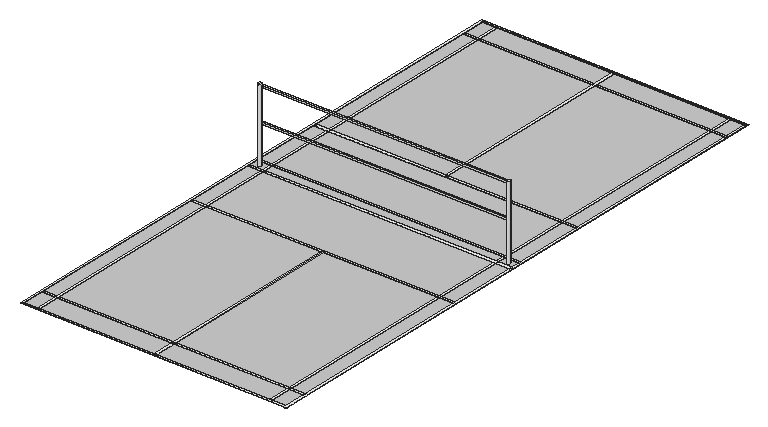
Revit family
Parameters (values of type "6000 x 13000 mm")
  Width = 6000 mm
  Material of Pole = Pole Material
  Markings Finish = Paint
  Length = 13000 mm
  Height = 900 mm
  Ground Finish = Court
Reference planes
  plane 1 "Center (Front/Back)": y = 0
  plane 2: z = 0
  plane 3 "Center (Left/Right)": x = 0
  plane 4: x = -3000
  plane 5: x = 3000
  plane 6: y = 6500
  plane 7: y = -6500
  plane 8: z = 1650
  plane 9: z = 900
Forms (mm)
  Extrusion 1, solid, material "Court" <- "Ground Finish"
    sketch origin (0, 0, 0) x (1, 0, 0) y (0, 1, 0)
      loop
        line (-3000, 6500) -> (-3000, -6500) -> (3000, -6500) -> (3000, 6500) -> (-3000, 6500)
    from 0 to 2
  Extrusion 2, solid, material "Paint" <- "Markings Finish"
    sketch origin (0, 0, 0) x (1, 0, 0) y (0, 1, 0)
      loop
        line (-3000, 6500) -> (-3000, -6500) -> (3000, -6500) -> (3000, 6500) -> (-3000, 6500)
      loop
        line (-2950, 6450) -> (-2950, -6450) -> (2950, -6450) -> (2950, 6450) -> (-2950, 6450)
    from 2 to 4
  Extrusion 3, solid, material "Paint" <- "Markings Finish"
    sketch origin (0, 0, 0) x (1, 0, 0) y (0, 1, 0)
      loop
        line (-2950, 150) -> (-2950, 100) -> (2950, 100) -> (2950, 150) -> (-2950, 150)
      loop
        line (-2950, -150) -> (2950, -150) -> (2950, -100) -> (-2950, -100) -> (-2950, -150)
    from 2 to 4
  Extrusion 4, solid, material "Paint" <- "Markings Finish"
    sketch origin (0, 0, 0) x (1, 0, 0) y (0, 1, 0)
      loop
        line (-2950, 5950) -> (-2950, 5900) -> (2950, 5900) -> (2950, 5950) -> (-2950, 5950)
      loop
        line (-2950, -5950) -> (2950, -5950) -> (2950, -5900) -> (-2950, -5900) -> (-2950, -5950)
    from 2 to 4
  Extrusion 5, solid, material "Paint" <- "Markings Finish"
    sketch origin (0, 0, 0) x (1, 0, 0) y (0, 1, 0)
      loop
        line (-2600, 6450) -> (-2650, 6450) -> (-2650, -6450) -> (-2600, -6450) -> (-2600, 6450)
      loop
        line (2600, 6450) -> (2600, -6450) -> (2650, -6450) -> (2650, 6450) -> (2600, 6450)
    from 2 to 4
  Extrusion 6, solid, material "Paint" <- "Markings Finish"
    sketch origin (0, 0, 0) x (1, 0, 0) y (0, 1, 0)
      loop
        line (2950, 1750) -> (-2950, 1750) -> (-2950, 1700) -> (2950, 1700) -> (2950, 1750)
      loop
        line (2950, -1750) -> (2950, -1700) -> (-2950, -1700) -> (-2950, -1750) -> (2950, -1750)
    from 2 to 4
  Extrusion 7, solid, material "Paint" <- "Markings Finish"
    sketch origin (0, 0, 0) x (1, 0, 0) y (0, 1, 0)
      loop
        line (-25, 1750) -> (25, 1750) -> (25, 6450) -> (-25, 6450) -> (-25, 1750)
      loop
        line (-25, -1750) -> (-25, -6450) -> (25, -6450) -> (25, -1750) -> (-25, -1750)
    from 2 to 4
  Extrusion 8, solid, material "Pole Material" <- "Material of Pole"
    sketch origin (0, 0, 0) x (1, 0, 0) y (0, 1, 0)
      loop
        circle (-2800, 0) r 40
      loop
        circle (2800, 0) r 40
    from 2 to 1650
  Extrusion 9, solid, material "Pole Material" <- "Material of Pole"
    sketch origin (0, 0, 0) x (1, 0, 0) y (0, 1, 0)
      loop
        arc (-2762.919, 15) -> (-2760, 0) -> (-2762.919, -15) r 40
        line (-2762.919, -15) -> (2762.919, -15)
        arc (2762.919, -15) -> (2760, 0) -> (2762.919, 15) r 40
        line (2762.919, 15) -> (-2762.919, 15)
    from 1600 to 1650
  Extrusion 10, solid, material "Pole Material" <- "Material of Pole"
    sketch origin (0, 0, 0) x (1, 0, 0) y (0, 1, 0)
      loop
        line (2762.919, 15) -> (-2762.919, 15)
        arc (-2762.919, 15) -> (-2760, 0) -> (-2762.919, -15) r 40
        line (-2762.919, -15) -> (2762.919, -15)
        arc (2762.919, -15) -> (2760, 0) -> (2762.919, 15) r 40
    from 850 to 900
Lines and regions (mm)
  symbolic lines
    curve 1: line (-2950, -6450, 0) -> (-2950, 6450, 0)
    curve 2: line (-3000, 6500, 0) -> (-3000, -6500, 0)
    curve 3: line (2950, 5950, 0) -> (-2950, 5950, 0)
    curve 4: line (-2950, 5900, 0) -> (2950, 5900, 0)
    curve 5: line (-2950, 6450, 0) -> (2950, 6450, 0)
    curve 6: line (3000, 6500, 0) -> (-3000, 6500, 0)
    curve 7: line (-2600, -6450, 0) -> (-2600, 6450, 0)
    curve 8: line (-2650, 6450, 0) -> (-2650, -6450, 0)
    curve 9: line (-25, 6450, 0) -> (-25, 1750, 0)
    curve 10: line (25, 1750, 0) -> (25, 6450, 0)
    curve 11: line (2650, -6450, 0) -> (2650, 6450, 0)
    curve 12: line (2600, 6450, 0) -> (2600, -6450, 0)
    curve 13: line (2950, 6450, 0) -> (2950, -6450, 0)
    curve 14: line (3000, -6500, 0) -> (3000, 6500, 0)
    curve 15: line (2950, 1750, 0) -> (-2950, 1750, 0)
    curve 16: line (-2950, 1700, 0) -> (2950, 1700, 0)
    curve 17: line (2950, 150, 0) -> (-2950, 150, 0)
    curve 18: line (-2950, 100, 0) -> (2950, 100, 0)
    curve 19: line (2950, -100, 0) -> (-2950, -100, 0)
    curve 20: line (-2950, -150, 0) -> (2950, -150, 0)
    curve 21: line (2762.919, 15, 0) -> (-2762.919, 15, 0)
    curve 22: line (-2762.919, -15, 0) -> (2762.919, -15, 0)
    curve 23: arc (-2760, 0, 0) -> (-2800, 40, 0) -> (-2840, 0, 0) r 40
    curve 24: arc (-2840, 0, 0) -> (-2800, -40, 0) -> (-2760, 0, 0) r 40
    curve 25: arc (2840, 0, 0) -> (2800, 40, 0) -> (2760, 0, 0) r 40
    curve 26: arc (2760, 0, 0) -> (2800, -40, 0) -> (2840, 0, 0) r 40
    curve 27: line (-2950, -1750, 0) -> (2950, -1750, 0)
    curve 28: line (2950, -1700, 0) -> (-2950, -1700, 0)
    curve 29: line (-25, -1750, 0) -> (-25, -6450, 0)
    curve 30: line (25, -6450, 0) -> (25, -1750, 0)
    curve 31: line (-2950, -5950, 0) -> (2950, -5950, 0)
    curve 32: line (2950, -5900, 0) -> (-2950, -5900, 0)
    curve 33: line (2950, -6450, 0) -> (-2950, -6450, 0)
    curve 34: line (-3000, -6500, 0) -> (3000, -6500, 0)
Dimensions and locks
  equal spacing: plane 7, plane 1 "Center (Front/Back)", plane 6
  "Length": plane 7 to plane 6
  equal spacing: plane 4, plane 3 "Center (Left/Right)", plane 5
  "Width": plane 4 to plane 5
  locked: plane 8 to level at 1650
  "Height": plane 9 to level
  aligned and locked: plane 4 to Extrusion 1 sketch curve
  aligned and locked: plane 6 to Extrusion 1 sketch curve
  aligned and locked: plane 7 to Extrusion 1 sketch curve
  aligned and locked: Extrusion 1 sketch curve to plane 5
  aligned and locked: Extrusion 2 sketch curve to Extrusion 1  (x3)
  aligned and locked: Extrusion 1 to Extrusion 2 sketch curve
  aligned and locked: Extrusion 2 to Extrusion 3 sketch curve  (x3)
  aligned and locked: Extrusion 3 sketch curve to Extrusion 2
  aligned and locked: Extrusion 2 to Extrusion 4 sketch curve  (x2)
  aligned and locked: Extrusion 2 to Extrusion 5 sketch curve  (x2)
  aligned and locked: Extrusion 2 to Extrusion 6 sketch curve  (x2)
  aligned and locked: Extrusion 2 to Extrusion 7 sketch curve
  aligned and locked: Extrusion 7 sketch curve to Extrusion 6
  aligned and locked: plane 8 to Extrusion 8
  aligned and locked: Extrusion 9 sketch curve to Extrusion 9 sketch curve
  aligned and locked: Extrusion 10 sketch curve to Extrusion 9  (x3)
  aligned and locked: plane 9 to Extrusion 10
Automatic sketch dimensions
  plane 4 to Extrusion 2 sketch curve = 50 mm
  Extrusion 2 sketch curve to plane 5 = 50 mm
  Extrusion 2 sketch curve to plane 7 = 50 mm
  plane 6 to Extrusion 2 sketch curve = 50 mm
  plane 1 "Center (Front/Back)" to Extrusion 3 sketch curve = 150 mm
  Extrusion 3 sketch curve to Extrusion 3 sketch curve = 50 mm  (x2)
  Extrusion 3 sketch curve to plane 1 "Center (Front/Back)" = 100 mm
  plane 4 to Extrusion 4 sketch curve = 50 mm
  Extrusion 4 sketch curve to plane 5 = 50 mm
  Extrusion 4 sketch curve to plane 7 = 550 mm
  Extrusion 4 sketch curve to Extrusion 4 sketch curve = 50 mm  (x2)
  plane 6 to Extrusion 4 sketch curve = 600 mm
  plane 4 to Extrusion 5 sketch curve = 350 mm
  Extrusion 5 sketch curve to Extrusion 5 sketch curve = 50 mm  (x2)
  plane 6 to Extrusion 5 sketch curve = 50 mm
  Extrusion 5 sketch curve to plane 5 = 400 mm
  Extrusion 5 sketch curve to plane 7 = 50 mm
  plane 4 to Extrusion 6 sketch curve = 50 mm
  Extrusion 6 sketch curve to plane 5 = 50 mm
  plane 1 "Center (Front/Back)" to Extrusion 6 sketch curve = 1750 mm
  Extrusion 6 sketch curve to Extrusion 6 sketch curve = 50 mm  (x2)
  Extrusion 6 sketch curve to plane 1 "Center (Front/Back)" = 1700 mm
  Extrusion 7 sketch curve to plane 3 "Center (Left/Right)" = 25 mm  (x2)
  plane 3 "Center (Left/Right)" to Extrusion 7 sketch curve = 25 mm  (x2)
  plane 1 "Center (Front/Back)" to Extrusion 7 sketch curve = 1750 mm
  Extrusion 7 sketch curve to plane 7 = 50 mm
  Extrusion 8 sketch curve to plane 1 "Center (Front/Back)" = 0 mm  (x2)
  plane 4 to Extrusion 8 sketch curve = 200 mm
  Extrusion 8 sketch curve to plane 5 = 200 mm
  Extrusion 9 sketch curve to plane 1 "Center (Front/Back)" = 0 mm  (x2)
  plane 4 to Extrusion 9 sketch curve = 200 mm
  Extrusion 9 sketch curve to plane 1 "Center (Front/Back)" = 15 mm
  Extrusion 9 sketch curve to Extrusion 9 sketch curve = 37.081 mm  (x2)
  Extrusion 9 sketch curve to plane 5 = 237.081 mm
  plane 1 "Center (Front/Back)" to Extrusion 9 sketch curve = 15 mm
  Extrusion 10 sketch curve to Extrusion 10 sketch curve = 0 mm
  curve 6 to plane 4 = 0 mm
  curve 23 to plane 1 "Center (Front/Back)" = 0 mm
  curve 26 to plane 1 "Center (Front/Back)" = 0 mm
  curve 14 to plane 5 = 0 mm
  curve 34 to plane 7 = 0 mm
  curve 14 to plane 6 = 0 mm
  plane 4 to curve 1 = 50 mm
  curve 18 to curve 23 = 110 mm
  curve 23 to curve 24 = 40 mm
  curve 21 to plane 1 "Center (Front/Back)" = 15 mm
  plane 1 "Center (Front/Back)" to curve 22 = 15 mm
  plane 6 to curve 8 = 50 mm
  curve 1 to curve 8 = 300 mm
  curve 8 to curve 7 = 50 mm
  curve 9 to plane 3 "Center (Left/Right)" = 25 mm
  curve 29 to plane 3 "Center (Left/Right)" = 25 mm
  plane 3 "Center (Left/Right)" to curve 10 = 25 mm
  plane 3 "Center (Left/Right)" to curve 30 = 25 mm
  curve 12 to plane 5 = 400 mm
  curve 12 to curve 11 = 50 mm
  curve 26 to plane 5 = 240 mm
  curve 26 to curve 22 = 2.919 mm
  curve 15 to plane 5 = 50 mm
  curve 33 to plane 7 = 50 mm
  curve 13 to curve 31 = 500 mm
  curve 31 to curve 32 = 50 mm
  curve 27 to curve 22 = 1735 mm
  curve 27 to curve 28 = 50 mm
  plane 1 "Center (Front/Back)" to curve 20 = 150 mm
  curve 20 to curve 19 = 50 mm
  curve 18 to plane 1 "Center (Front/Back)" = 100 mm
  curve 18 to curve 17 = 50 mm
  curve 17 to curve 16 = 1550 mm
  curve 16 to curve 15 = 50 mm
  curve 4 to curve 1 = 550 mm
  curve 4 to curve 3 = 50 mm
  radius of Extrusion 8 sketch curve = 40 mm  (x2)
